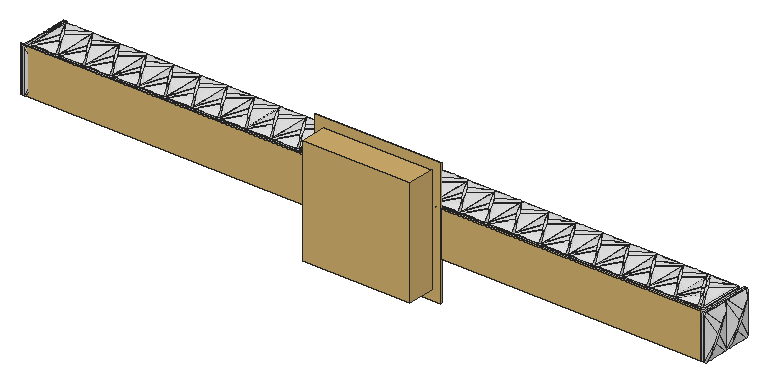
Revit family "3-xx-xx - Elan Vanitie 03", category Lighting Fixtures, host Wall, Revit 2019 (continued)
Definition of nested family "Family2"
  Forms (in)
    Blend 58, solid, material <- "Diffuser"
      base sketch origin (10.62992, -2.24007, -2.27132) x (1, 0, 0) y (0, 1, 0)
        loop
          arc (-5.98425, -0.98425) -> (-5.92857, -0.96119) -> (-5.90551, -0.90551) r 0.07874
          line (-5.90551, -0.90551) -> (-5.90551, 0.90551)
      top sketch origin (10.62992, -2.24007, -2.27132) x (1, 0, 0) y (0, 1, 0)
        loop
          line (-6.89899, 0.68245) -> (-6.71635, 0.29079) -> (-6.53621, -0.05852) -> (-6.35588, -0.33357) -> (-6.0667, -0.72725) -> (-6.27171, -0.28388) -> (-6.43166, 0.00863) -> (-6.64427, 0.33334) -> (-6.89899, 0.68245)
      from 3.31463 to 3.45242
    Extrusion 59, solid, material <- "Diffuser"
      sketch origin (10.62992, -2.24007, -2.27132) x (1, 0, 0) y (0, 1, 0)
        loop
          arc (-5.90551, 0.90551) -> (-5.92857, 0.96119) -> (-5.98425, 0.98425) r 0.07874
          line (-5.98425, 0.98425) -> (-7.00787, 0.98425)
          arc (-7.00787, 0.98425) -> (-7.06355, 0.96119) -> (-7.08661, 0.90551) r 0.07874
          line (-7.08661, 0.90551) -> (-7.08661, -0.90551)
          arc (-7.08661, -0.90551) -> (-7.06355, -0.96119) -> (-7.00787, -0.98425) r 0.07874
          line (-7.00787, -0.98425) -> (-5.98425, -0.98425)
          arc (-5.98425, -0.98425) -> (-5.92857, -0.96119) -> (-5.90551, -0.90551) r 0.07874
          line (-5.90551, -0.90551) -> (-5.90551, 0.90551)
      from 3.25557 to 3.31463
    Blend 60, solid, material <- "Diffuser"
      base sketch origin (11.81102, -2.24007, -2.27132) x (1, 0, 0) y (0, 1, 0)
        loop
          arc (-5.90551, 0.90551) -> (-5.92857, 0.96119) -> (-5.98425, 0.98425) r 0.07874
          line (-5.98425, 0.98425) -> (-7.00787, 0.98425)
          arc (-7.00787, 0.98425) -> (-7.06355, 0.96119) -> (-7.08661, 0.90551) r 0.07874
          line (-7.08661, 0.90551) -> (-7.08661, -0.90551)
          arc (-7.08661, -0.90551) -> (-7.06355, -0.96119) -> (-7.00787, -0.98425) r 0.07874
          line (-7.00787, -0.98425) -> (-5.98425, -0.98425)
          arc (-5.98425, -0.98425) -> (-5.92857, -0.96119) -> (-5.90551, -0.90551) r 0.07874
          line (-5.90551, -0.90551) -> (-5.90551, 0.90551)
      top sketch origin (11.81102, -2.24007, -2.27132) x (1, 0, 0) y (0, 1, 0)
        loop
          line (-6.89899, 0.68245) -> (-6.71635, 0.29079) -> (-6.53621, -0.05852) -> (-6.35588, -0.33357) -> (-6.0667, -0.72725) -> (-6.27171, -0.28388) -> (-6.43166, 0.00863) -> (-6.64427, 0.33334) -> (-6.89899, 0.68245)
      from 3.31463 to 3.45242
    Extrusion 61, solid, material <- "Diffuser"
      sketch origin (11.81102, -2.24007, -2.27132) x (1, 0, 0) y (0, 1, 0)
        loop
          arc (-5.90551, 0.90551) -> (-5.92857, 0.96119) -> (-5.98425, 0.98425) r 0.07874
          line (-5.98425, 0.98425) -> (-7.00787, 0.98425)
          arc (-7.00787, 0.98425) -> (-7.06355, 0.96119) -> (-7.08661, 0.90551) r 0.07874
          line (-7.08661, 0.90551) -> (-7.08661, -0.90551)
          arc (-7.08661, -0.90551) -> (-7.06355, -0.96119) -> (-7.00787, -0.98425) r 0.07874
          line (-7.00787, -0.98425) -> (-5.98425, -0.98425)
          arc (-5.98425, -0.98425) -> (-5.92857, -0.96119) -> (-5.90551, -0.90551) r 0.07874
          line (-5.90551, -0.90551) -> (-5.90551, 0.90551)
      from 3.25557 to 3.31463
    Blend 62, solid, material <- "Diffuser"
      base sketch origin (21.1811, -2.24007, -2.27132) x (1, 0, 0) y (0, 1, 0)
        loop
          arc (-5.90551, 0.90551) -> (-5.92857, 0.96119) -> (-5.98425, 0.98425) r 0.07874
          line (-5.98425, 0.98425) -> (-7.00787, 0.98425)
          arc (-7.00787, 0.98425) -> (-7.06355, 0.96119) -> (-7.08661, 0.90551) r 0.07874
          line (-7.08661, 0.90551) -> (-7.08661, -0.90551)
          arc (-7.08661, -0.90551) -> (-7.06355, -0.96119) -> (-7.00787, -0.98425) r 0.07874
          line (-7.00787, -0.98425) -> (-5.98425, -0.98425)
          arc (-5.98425, -0.98425) -> (-5.92857, -0.96119) -> (-5.90551, -0.90551) r 0.07874
          line (-5.90551, -0.90551) -> (-5.90551, 0.90551)
      top sketch origin (21.1811, -2.24007, -2.27132) x (1, 0, 0) y (0, 1, 0)
        loop
          line (-6.89899, 0.68245) -> (-6.71635, 0.29079) -> (-6.53621, -0.05852) -> (-6.35588, -0.33357) -> (-6.0667, -0.72725) -> (-6.27171, -0.28388) -> (-6.43166, 0.00863) -> (-6.64427, 0.33334) -> (-6.89899, 0.68245)
      from 3.31463 to 3.45242
    Blend 63, solid, material <- "Diffuser"
      base sketch origin (8.19824, -2.24007, 2.34394) x (-0.999996, 0, 0.00275) y (0, 1, 0)
        loop
          arc (-5.90551, 0.90551) -> (-5.92857, 0.96119) -> (-5.98425, 0.98425) r 0.07874
          line (-5.98425, 0.98425) -> (-7.00787, 0.98425)
          arc (-7.00787, 0.98425) -> (-7.06355, 0.96119) -> (-7.08661, 0.90551) r 0.07874
          line (-7.08661, 0.90551) -> (-7.08661, -0.90551)
          arc (-7.08661, -0.90551) -> (-7.06355, -0.96119) -> (-7.00787, -0.98425) r 0.07874
          line (-7.00787, -0.98425) -> (-5.98425, -0.98425)
          arc (-5.98425, -0.98425) -> (-5.92857, -0.96119) -> (-5.90551, -0.90551) r 0.07874
          line (-5.90551, -0.90551) -> (-5.90551, 0.90551)
      top sketch origin (8.19824, -2.24007, 2.34394) x (-0.999996, 0, 0.00275) y (0, 1, 0)
        loop
          line (-6.89899, 0.68245) -> (-6.71635, 0.29079) -> (-6.53621, -0.05852) -> (-6.35588, -0.33357) -> (-6.0667, -0.72725) -> (-6.27171, -0.28388) -> (-6.43166, 0.00863) -> (-6.64427, 0.33334) -> (-6.89899, 0.68245)
      from 3.31463 to 3.45242
    Extrusion 64, solid, material <- "Diffuser"
      sketch origin (8.19824, -2.24007, 2.34394) x (-0.999996, 0, 0.00275) y (0, 1, 0)
        loop
          arc (-5.90551, 0.90551) -> (-5.92857, 0.96119) -> (-5.98425, 0.98425) r 0.07874
          line (-5.98425, 0.98425) -> (-7.00787, 0.98425)
          arc (-7.00787, 0.98425) -> (-7.06355, 0.96119) -> (-7.08661, 0.90551) r 0.07874
          line (-7.08661, 0.90551) -> (-7.08661, -0.90551)
          arc (-7.08661, -0.90551) -> (-7.06355, -0.96119) -> (-7.00787, -0.98425) r 0.07874
          line (-7.00787, -0.98425) -> (-5.98425, -0.98425)
          arc (-5.98425, -0.98425) -> (-5.92857, -0.96119) -> (-5.90551, -0.90551) r 0.07874
          line (-5.90551, -0.90551) -> (-5.90551, 0.90551)
      from 3.20242 to 3.31463
    Blend 65, solid, material <- "Diffuser"
      base sketch origin (-1.17183, -2.24007, 2.34719) x (-0.999996, 0, 0.00275) y (0, 1, 0)
        loop
          arc (-5.90551, 0.90551) -> (-5.92857, 0.96119) -> (-5.98425, 0.98425) r 0.07874
          line (-5.98425, 0.98425) -> (-7.00787, 0.98425)
          arc (-7.00787, 0.98425) -> (-7.06355, 0.96119) -> (-7.08661, 0.90551) r 0.07874
          line (-7.08661, 0.90551) -> (-7.08661, -0.90551)
          arc (-7.08661, -0.90551) -> (-7.06355, -0.96119) -> (-7.00787, -0.98425) r 0.07874
          line (-7.00787, -0.98425) -> (-5.98425, -0.98425)
          arc (-5.98425, -0.98425) -> (-5.92857, -0.96119) -> (-5.90551, -0.90551) r 0.07874
          line (-5.90551, -0.90551) -> (-5.90551, 0.90551)
      top sketch origin (-1.17183, -2.24007, 2.34719) x (-0.999996, 0, 0.00275) y (0, 1, 0)
        loop
          line (-6.89899, 0.68245) -> (-6.71635, 0.29079) -> (-6.53621, -0.05852) -> (-6.35588, -0.33357) -> (-6.0667, -0.72725) -> (-6.27171, -0.28388) -> (-6.43166, 0.00863) -> (-6.64427, 0.33334) -> (-6.89899, 0.68245)
      from 3.31463 to 3.45242
    Extrusion 66, solid, material <- "Diffuser"
      sketch origin (-1.17183, -2.24007, 2.34719) x (-0.999996, 0, 0.00275) y (0, 1, 0)
        loop
          arc (-5.90551, 0.90551) -> (-5.92857, 0.96119) -> (-5.98425, 0.98425) r 0.07874
          line (-5.98425, 0.98425) -> (-7.00787, 0.98425)
          arc (-7.00787, 0.98425) -> (-7.06355, 0.96119) -> (-7.08661, 0.90551) r 0.07874
          line (-7.08661, 0.90551) -> (-7.08661, -0.90551)
          arc (-7.08661, -0.90551) -> (-7.06355, -0.96119) -> (-7.00787, -0.98425) r 0.07874
          line (-7.00787, -0.98425) -> (-5.98425, -0.98425)
          arc (-5.98425, -0.98425) -> (-5.92857, -0.96119) -> (-5.90551, -0.90551) r 0.07874
          line (-5.90551, -0.90551) -> (-5.90551, 0.90551)
      from 3.20242 to 3.31463
    Blend 67, solid, material <- "Diffuser"
      base sketch origin (-2.35293, -2.24007, 2.35044) x (-0.999996, 0, 0.00275) y (0, 1, 0)
        loop
          arc (-5.90551, 0.90551) -> (-5.92857, 0.96119) -> (-5.98425, 0.98425) r 0.07874
          line (-5.98425, 0.98425) -> (-7.00787, 0.98425)
          arc (-7.00787, 0.98425) -> (-7.06355, 0.96119) -> (-7.08661, 0.90551) r 0.07874
          line (-7.08661, 0.90551) -> (-7.08661, -0.90551)
          arc (-7.08661, -0.90551) -> (-7.06355, -0.96119) -> (-7.00787, -0.98425) r 0.07874
          line (-7.00787, -0.98425) -> (-5.98425, -0.98425)
          arc (-5.98425, -0.98425) -> (-5.92857, -0.96119) -> (-5.90551, -0.90551) r 0.07874
          line (-5.90551, -0.90551) -> (-5.90551, 0.90551)
      top sketch origin (-2.35293, -2.24007, 2.35044) x (-0.999996, 0, 0.00275) y (0, 1, 0)
        loop
          line (-6.89899, 0.68245) -> (-6.71635, 0.29079) -> (-6.53621, -0.05852) -> (-6.35588, -0.33357) -> (-6.0667, -0.72725) -> (-6.27171, -0.28388) -> (-6.43166, 0.00863) -> (-6.64427, 0.33334) -> (-6.89899, 0.68245)
      from 3.31463 to 3.45242
    Extrusion 68, solid, material <- "Diffuser"
      sketch origin (-2.35293, -2.24007, 2.35044) x (-0.999996, 0, 0.00275) y (0, 1, 0)
        loop
          arc (-5.90551, 0.90551) -> (-5.92857, 0.96119) -> (-5.98425, 0.98425) r 0.07874
          line (-5.98425, 0.98425) -> (-7.00787, 0.98425)
          arc (-7.00787, 0.98425) -> (-7.06355, 0.96119) -> (-7.08661, 0.90551) r 0.07874
          line (-7.08661, 0.90551) -> (-7.08661, -0.90551)
          arc (-7.08661, -0.90551) -> (-7.06355, -0.96119) -> (-7.00787, -0.98425) r 0.07874
          line (-7.00787, -0.98425) -> (-5.98425, -0.98425)
          arc (-5.98425, -0.98425) -> (-5.92857, -0.96119) -> (-5.90551, -0.90551) r 0.07874
          line (-5.90551, -0.90551) -> (-5.90551, 0.90551)
      from 3.20242 to 3.31463
    Blend 69, solid, material <- "Diffuser"
      base sketch origin (-3.53403, -2.24007, 2.35369) x (-0.999996, 0, 0.00275) y (0, 1, 0)
        loop
          arc (-5.90551, 0.90551) -> (-5.92857, 0.96119) -> (-5.98425, 0.98425) r 0.07874
          line (-5.98425, 0.98425) -> (-7.00787, 0.98425)
          arc (-7.00787, 0.98425) -> (-7.06355, 0.96119) -> (-7.08661, 0.90551) r 0.07874
          line (-7.08661, 0.90551) -> (-7.08661, -0.90551)
          arc (-7.08661, -0.90551) -> (-7.06355, -0.96119) -> (-7.00787, -0.98425) r 0.07874
          line (-7.00787, -0.98425) -> (-5.98425, -0.98425)
          arc (-5.98425, -0.98425) -> (-5.92857, -0.96119) -> (-5.90551, -0.90551) r 0.07874
          line (-5.90551, -0.90551) -> (-5.90551, 0.90551)
      top sketch origin (-3.53403, -2.24007, 2.35369) x (-0.999996, 0, 0.00275) y (0, 1, 0)
        loop
          line (-6.89899, 0.68245) -> (-6.71635, 0.29079) -> (-6.53621, -0.05852) -> (-6.35588, -0.33357) -> (-6.0667, -0.72725) -> (-6.27171, -0.28388) -> (-6.43166, 0.00863) -> (-6.64427, 0.33334) -> (-6.89899, 0.68245)
      from 3.31463 to 3.45242
    Extrusion 70, solid, material <- "Diffuser"
      sketch origin (-3.53403, -2.24007, 2.35369) x (-0.999996, 0, 0.00275) y (0, 1, 0)
        loop
          arc (-5.90551, 0.90551) -> (-5.92857, 0.96119) -> (-5.98425, 0.98425) r 0.07874
          line (-5.98425, 0.98425) -> (-7.00787, 0.98425)
          arc (-7.00787, 0.98425) -> (-7.06355, 0.96119) -> (-7.08661, 0.90551) r 0.07874
          line (-7.08661, 0.90551) -> (-7.08661, -0.90551)
          arc (-7.08661, -0.90551) -> (-7.06355, -0.96119) -> (-7.00787, -0.98425) r 0.07874
          line (-7.00787, -0.98425) -> (-5.98425, -0.98425)
          arc (-5.98425, -0.98425) -> (-5.92857, -0.96119) -> (-5.90551, -0.90551) r 0.07874
          line (-5.90551, -0.90551) -> (-5.90551, 0.90551)
      from 3.20242 to 3.31463
    Blend 71, solid, material <- "Diffuser"
      base sketch origin (-4.71513, -2.24007, 2.35694) x (-0.999996, 0, 0.00275) y (0, 1, 0)
        loop
          arc (-5.90551, 0.90551) -> (-5.92857, 0.96119) -> (-5.98425, 0.98425) r 0.07874
          line (-5.98425, 0.98425) -> (-7.00787, 0.98425)
          arc (-7.00787, 0.98425) -> (-7.06355, 0.96119) -> (-7.08661, 0.90551) r 0.07874
          line (-7.08661, 0.90551) -> (-7.08661, -0.90551)
          arc (-7.08661, -0.90551) -> (-7.06355, -0.96119) -> (-7.00787, -0.98425) r 0.07874
          line (-7.00787, -0.98425) -> (-5.98425, -0.98425)
          arc (-5.98425, -0.98425) -> (-5.92857, -0.96119) -> (-5.90551, -0.90551) r 0.07874
          line (-5.90551, -0.90551) -> (-5.90551, 0.90551)
      top sketch origin (-4.71513, -2.24007, 2.35694) x (-0.999996, 0, 0.00275) y (0, 1, 0)
        loop
          line (-6.89899, 0.68245) -> (-6.71635, 0.29079) -> (-6.53621, -0.05852) -> (-6.35588, -0.33357) -> (-6.0667, -0.72725) -> (-6.27171, -0.28388) -> (-6.43166, 0.00863) -> (-6.64427, 0.33334) -> (-6.89899, 0.68245)
      from 3.31463 to 3.45242
    Extrusion 72, solid, material <- "Diffuser"
      sketch origin (-4.71513, -2.24007, 2.35694) x (-0.999996, 0, 0.00275) y (0, 1, 0)
        loop
          arc (-5.90551, 0.90551) -> (-5.92857, 0.96119) -> (-5.98425, 0.98425) r 0.07874
          line (-5.98425, 0.98425) -> (-7.00787, 0.98425)
          arc (-7.00787, 0.98425) -> (-7.06355, 0.96119) -> (-7.08661, 0.90551) r 0.07874
          line (-7.08661, 0.90551) -> (-7.08661, -0.90551)
          arc (-7.08661, -0.90551) -> (-7.06355, -0.96119) -> (-7.00787, -0.98425) r 0.07874
          line (-7.00787, -0.98425) -> (-5.98425, -0.98425)
          arc (-5.98425, -0.98425) -> (-5.92857, -0.96119) -> (-5.90551, -0.90551) r 0.07874
          line (-5.90551, -0.90551) -> (-5.90551, 0.90551)
      from 3.25557 to 3.31463
    Blend 73, solid, material <- "Diffuser"
      base sketch origin (-5.89622, -2.24007, 2.36018) x (-0.999996, 0, 0.00275) y (0, 1, 0)
        loop
          arc (-5.90551, 0.90551) -> (-5.92857, 0.96119) -> (-5.98425, 0.98425) r 0.07874
          line (-5.98425, 0.98425) -> (-7.00787, 0.98425)
          arc (-7.00787, 0.98425) -> (-7.06355, 0.96119) -> (-7.08661, 0.90551) r 0.07874
          line (-7.08661, 0.90551) -> (-7.08661, -0.90551)
          arc (-7.08661, -0.90551) -> (-7.06355, -0.96119) -> (-7.00787, -0.98425) r 0.07874
          line (-7.00787, -0.98425) -> (-5.98425, -0.98425)
          arc (-5.98425, -0.98425) -> (-5.92857, -0.96119) -> (-5.90551, -0.90551) r 0.07874
          line (-5.90551, -0.90551) -> (-5.90551, 0.90551)
      top sketch origin (-5.89622, -2.24007, 2.36018) x (-0.999996, 0, 0.00275) y (0, 1, 0)
        loop
          line (-6.89899, 0.68245) -> (-6.71635, 0.29079) -> (-6.53621, -0.05852) -> (-6.35588, -0.33357) -> (-6.0667, -0.72725) -> (-6.27171, -0.28388) -> (-6.43166, 0.00863) -> (-6.64427, 0.33334) -> (-6.89899, 0.68245)
      from 3.31463 to 3.45242
    Extrusion 74, solid, material <- "Diffuser"
      sketch origin (-5.89622, -2.24007, 2.36018) x (-0.999996, 0, 0.00275) y (0, 1, 0)
        loop
          arc (-5.90551, 0.90551) -> (-5.92857, 0.96119) -> (-5.98425, 0.98425) r 0.07874
          line (-5.98425, 0.98425) -> (-7.00787, 0.98425)
          arc (-7.00787, 0.98425) -> (-7.06355, 0.96119) -> (-7.08661, 0.90551) r 0.07874
          line (-7.08661, 0.90551) -> (-7.08661, -0.90551)
          arc (-7.08661, -0.90551) -> (-7.06355, -0.96119) -> (-7.00787, -0.98425) r 0.07874
          line (-7.00787, -0.98425) -> (-5.98425, -0.98425)
          arc (-5.98425, -0.98425) -> (-5.92857, -0.96119) -> (-5.90551, -0.90551) r 0.07874
          line (-5.90551, -0.90551) -> (-5.90551, 0.90551)
      from 3.25557 to 3.31463
    Blend 75, solid, material <- "Diffuser"
      base sketch origin (-7.07732, -2.24007, 2.36343) x (-0.999996, 0, 0.00275) y (0, 1, 0)
        loop
          arc (-5.90551, 0.90551) -> (-5.92857, 0.96119) -> (-5.98425, 0.98425) r 0.07874
          line (-5.98425, 0.98425) -> (-7.00787, 0.98425)
          arc (-7.00787, 0.98425) -> (-7.06355, 0.96119) -> (-7.08661, 0.90551) r 0.07874
          line (-7.08661, 0.90551) -> (-7.08661, -0.90551)
          arc (-7.08661, -0.90551) -> (-7.06355, -0.96119) -> (-7.00787, -0.98425) r 0.07874
          line (-7.00787, -0.98425) -> (-5.98425, -0.98425)
          arc (-5.98425, -0.98425) -> (-5.92857, -0.96119) -> (-5.90551, -0.90551) r 0.07874
          line (-5.90551, -0.90551) -> (-5.90551, 0.90551)
      top sketch origin (-7.07732, -2.24007, 2.36343) x (-0.999996, 0, 0.00275) y (0, 1, 0)
        loop
          line (-6.89899, 0.68245) -> (-6.71635, 0.29079) -> (-6.53621, -0.05852) -> (-6.35588, -0.33357) -> (-6.0667, -0.72725) -> (-6.27171, -0.28388) -> (-6.43166, 0.00863) -> (-6.64427, 0.33334) -> (-6.89899, 0.68245)
      from 3.31463 to 3.45242
    Extrusion 76, solid, material <- "Diffuser"
      sketch origin (-7.07732, -2.24007, 2.36343) x (-0.999996, 0, 0.00275) y (0, 1, 0)
        loop
          arc (-5.90551, 0.90551) -> (-5.92857, 0.96119) -> (-5.98425, 0.98425) r 0.07874
          line (-5.98425, 0.98425) -> (-7.00787, 0.98425)
          arc (-7.00787, 0.98425) -> (-7.06355, 0.96119) -> (-7.08661, 0.90551) r 0.07874
          line (-7.08661, 0.90551) -> (-7.08661, -0.90551)
          arc (-7.08661, -0.90551) -> (-7.06355, -0.96119) -> (-7.00787, -0.98425) r 0.07874
          line (-7.00787, -0.98425) -> (-5.98425, -0.98425)
          arc (-5.98425, -0.98425) -> (-5.92857, -0.96119) -> (-5.90551, -0.90551) r 0.07874
          line (-5.90551, -0.90551) -> (-5.90551, 0.90551)
      from 3.25557 to 3.31463
    Blend 77, solid, material <- "Diffuser"
      base sketch origin (-8.25842, -2.24007, 2.36668) x (-0.999996, 0, 0.00275) y (0, 1, 0)
        loop
          arc (-5.90551, 0.90551) -> (-5.92857, 0.96119) -> (-5.98425, 0.98425) r 0.07874
          line (-5.98425, 0.98425) -> (-7.00787, 0.98425)
          arc (-7.00787, 0.98425) -> (-7.06355, 0.96119) -> (-7.08661, 0.90551) r 0.07874
          line (-7.08661, 0.90551) -> (-7.08661, -0.90551)
          arc (-7.08661, -0.90551) -> (-7.06355, -0.96119) -> (-7.00787, -0.98425) r 0.07874
          line (-7.00787, -0.98425) -> (-5.98425, -0.98425)
          arc (-5.98425, -0.98425) -> (-5.92857, -0.96119) -> (-5.90551, -0.90551) r 0.07874
          line (-5.90551, -0.90551) -> (-5.90551, 0.90551)
      top sketch origin (-8.25842, -2.24007, 2.36668) x (-0.999996, 0, 0.00275) y (0, 1, 0)
        loop
          line (-6.89899, 0.68245) -> (-6.71635, 0.29079) -> (-6.53621, -0.05852) -> (-6.35588, -0.33357) -> (-6.0667, -0.72725) -> (-6.27171, -0.28388) -> (-6.43166, 0.00863) -> (-6.64427, 0.33334) -> (-6.89899, 0.68245)
      from 3.31463 to 3.45242
    Extrusion 78, solid, material <- "Diffuser"
      sketch origin (-8.25842, -2.24007, 2.36668) x (-0.999996, 0, 0.00275) y (0, 1, 0)
        loop
          arc (-5.90551, 0.90551) -> (-5.92857, 0.96119) -> (-5.98425, 0.98425) r 0.07874
          line (-5.98425, 0.98425) -> (-7.00787, 0.98425)
          arc (-7.00787, 0.98425) -> (-7.06355, 0.96119) -> (-7.08661, 0.90551) r 0.07874
          line (-7.08661, 0.90551) -> (-7.08661, -0.90551)
          arc (-7.08661, -0.90551) -> (-7.06355, -0.96119) -> (-7.00787, -0.98425) r 0.07874
          line (-7.00787, -0.98425) -> (-5.98425, -0.98425)
          arc (-5.98425, -0.98425) -> (-5.92857, -0.96119) -> (-5.90551, -0.90551) r 0.07874
          line (-5.90551, -0.90551) -> (-5.90551, 0.90551)
      from 3.25557 to 3.31463
    Blend 79, solid, material <- "Diffuser"
      base sketch origin (-9.43952, -2.24007, 2.36993) x (-0.999996, 0, 0.00275) y (0, 1, 0)
        loop
          arc (-5.90551, 0.90551) -> (-5.92857, 0.96119) -> (-5.98425, 0.98425) r 0.07874
          line (-5.98425, 0.98425) -> (-7.00787, 0.98425)
          arc (-7.00787, 0.98425) -> (-7.06355, 0.96119) -> (-7.08661, 0.90551) r 0.07874
          line (-7.08661, 0.90551) -> (-7.08661, -0.90551)
          arc (-7.08661, -0.90551) -> (-7.06355, -0.96119) -> (-7.00787, -0.98425) r 0.07874
          line (-7.00787, -0.98425) -> (-5.98425, -0.98425)
          arc (-5.98425, -0.98425) -> (-5.92857, -0.96119) -> (-5.90551, -0.90551) r 0.07874
          line (-5.90551, -0.90551) -> (-5.90551, 0.90551)
      top sketch origin (-9.43952, -2.24007, 2.36993) x (-0.999996, 0, 0.00275) y (0, 1, 0)
        loop
          line (-6.89899, 0.68245) -> (-6.71635, 0.29079) -> (-6.53621, -0.05852) -> (-6.35588, -0.33357) -> (-6.0667, -0.72725) -> (-6.27171, -0.28388) -> (-6.43166, 0.00863) -> (-6.64427, 0.33334) -> (-6.89899, 0.68245)
      from 3.31463 to 3.45242
    Extrusion 80, solid, material <- "Diffuser"
      sketch origin (-9.43952, -2.24007, 2.36993) x (-0.999996, 0, 0.00275) y (0, 1, 0)
        loop
          arc (-5.90551, 0.90551) -> (-5.92857, 0.96119) -> (-5.98425, 0.98425) r 0.07874
          line (-5.98425, 0.98425) -> (-7.00787, 0.98425)
          arc (-7.00787, 0.98425) -> (-7.06355, 0.96119) -> (-7.08661, 0.90551) r 0.07874
          line (-7.08661, 0.90551) -> (-7.08661, -0.90551)
          arc (-7.08661, -0.90551) -> (-7.06355, -0.96119) -> (-7.00787, -0.98425) r 0.07874
          line (-7.00787, -0.98425) -> (-5.98425, -0.98425)
          arc (-5.98425, -0.98425) -> (-5.92857, -0.96119) -> (-5.90551, -0.90551) r 0.07874
          line (-5.90551, -0.90551) -> (-5.90551, 0.90551)
      from 3.25557 to 3.31463
    Blend 81, solid, material <- "Diffuser"
      base sketch origin (-10.62062, -2.24007, 2.37318) x (-0.999996, 0, 0.00275) y (0, 1, 0)
        loop
          arc (-5.90551, 0.90551) -> (-5.92857, 0.96119) -> (-5.98425, 0.98425) r 0.07874
          line (-5.98425, 0.98425) -> (-7.00787, 0.98425)
          arc (-7.00787, 0.98425) -> (-7.06355, 0.96119) -> (-7.08661, 0.90551) r 0.07874
          line (-7.08661, 0.90551) -> (-7.08661, -0.90551)
          arc (-7.08661, -0.90551) -> (-7.06355, -0.96119) -> (-7.00787, -0.98425) r 0.07874
          line (-7.00787, -0.98425) -> (-5.98425, -0.98425)
          arc (-5.98425, -0.98425) -> (-5.92857, -0.96119) -> (-5.90551, -0.90551) r 0.07874
          line (-5.90551, -0.90551) -> (-5.90551, 0.90551)
      top sketch origin (-10.62062, -2.24007, 2.37318) x (-0.999996, 0, 0.00275) y (0, 1, 0)
        loop
          line (-6.89899, 0.68245) -> (-6.71635, 0.29079) -> (-6.53621, -0.05852) -> (-6.35588, -0.33357) -> (-6.0667, -0.72725) -> (-6.27171, -0.28388) -> (-6.43166, 0.00863) -> (-6.64427, 0.33334) -> (-6.89899, 0.68245)
      from 3.31463 to 3.45242
    Extrusion 82, solid, material <- "Diffuser"
      sketch origin (-10.62062, -2.24007, 2.37318) x (-0.999996, 0, 0.00275) y (0, 1, 0)
        loop
          arc (-5.90551, 0.90551) -> (-5.92857, 0.96119) -> (-5.98425, 0.98425) r 0.07874
          line (-5.98425, 0.98425) -> (-7.00787, 0.98425)
          arc (-7.00787, 0.98425) -> (-7.06355, 0.96119) -> (-7.08661, 0.90551) r 0.07874
          line (-7.08661, 0.90551) -> (-7.08661, -0.90551)
          arc (-7.08661, -0.90551) -> (-7.06355, -0.96119) -> (-7.00787, -0.98425) r 0.07874
          line (-7.00787, -0.98425) -> (-5.98425, -0.98425)
          arc (-5.98425, -0.98425) -> (-5.92857, -0.96119) -> (-5.90551, -0.90551) r 0.07874
          line (-5.90551, -0.90551) -> (-5.90551, 0.90551)
      from 3.25557 to 3.31463
    Blend 83, solid, material <- "Diffuser"
      base sketch origin (-11.80171, -2.24007, 2.37642) x (-0.999996, 0, 0.00275) y (0, 1, 0)
        loop
          arc (-5.90551, 0.90551) -> (-5.92857, 0.96119) -> (-5.98425, 0.98425) r 0.07874
          line (-5.98425, 0.98425) -> (-7.00787, 0.98425)
          arc (-7.00787, 0.98425) -> (-7.06355, 0.96119) -> (-7.08661, 0.90551) r 0.07874
          line (-7.08661, 0.90551) -> (-7.08661, -0.90551)
          arc (-7.08661, -0.90551) -> (-7.06355, -0.96119) -> (-7.00787, -0.98425) r 0.07874
          line (-7.00787, -0.98425) -> (-5.98425, -0.98425)
          arc (-5.98425, -0.98425) -> (-5.92857, -0.96119) -> (-5.90551, -0.90551) r 0.07874
          line (-5.90551, -0.90551) -> (-5.90551, 0.90551)
      top sketch origin (-11.80171, -2.24007, 2.37642) x (-0.999996, 0, 0.00275) y (0, 1, 0)
        loop
          line (-6.89899, 0.68245) -> (-6.71635, 0.29079) -> (-6.53621, -0.05852) -> (-6.35588, -0.33357) -> (-6.0667, -0.72725) -> (-6.27171, -0.28388) -> (-6.43166, 0.00863) -> (-6.64427, 0.33334) -> (-6.89899, 0.68245)
      from 3.31463 to 3.45242
    Extrusion 84, solid, material <- "Diffuser"
      sketch origin (-11.80171, -2.24007, 2.37642) x (-0.999996, 0, 0.00275) y (0, 1, 0)
        loop
          arc (-5.90551, 0.90551) -> (-5.92857, 0.96119) -> (-5.98425, 0.98425) r 0.07874
          line (-5.98425, 0.98425) -> (-7.00787, 0.98425)
          arc (-7.00787, 0.98425) -> (-7.06355, 0.96119) -> (-7.08661, 0.90551) r 0.07874
          line (-7.08661, 0.90551) -> (-7.08661, -0.90551)
          arc (-7.08661, -0.90551) -> (-7.06355, -0.96119) -> (-7.00787, -0.98425) r 0.07874
          line (-7.00787, -0.98425) -> (-5.98425, -0.98425)
          arc (-5.98425, -0.98425) -> (-5.92857, -0.96119) -> (-5.90551, -0.90551) r 0.07874
          line (-5.90551, -0.90551) -> (-5.90551, 0.90551)
      from 3.25557 to 3.31463
    Blend 85, solid, material <- "Diffuser"
      base sketch origin (-20.06943, -2.24007, 2.37967) x (-0.999996, 0, 0.00275) y (0, 1, 0)
        loop
          arc (-5.90551, 0.90551) -> (-5.92857, 0.96119) -> (-5.98425, 0.98425) r 0.07874
          line (-5.98425, 0.98425) -> (-7.00787, 0.98425)
          arc (-7.00787, 0.98425) -> (-7.06355, 0.96119) -> (-7.08661, 0.90551) r 0.07874
          line (-7.08661, 0.90551) -> (-7.08661, -0.90551)
          arc (-7.08661, -0.90551) -> (-7.06355, -0.96119) -> (-7.00787, -0.98425) r 0.07874
          line (-7.00787, -0.98425) -> (-5.98425, -0.98425)
          arc (-5.98425, -0.98425) -> (-5.92857, -0.96119) -> (-5.90551, -0.90551) r 0.07874
          line (-5.90551, -0.90551) -> (-5.90551, 0.90551)
      top sketch origin (-20.06943, -2.24007, 2.37967) x (-0.999996, 0, 0.00275) y (0, 1, 0)
        loop
          line (-6.89899, 0.68245) -> (-6.71635, 0.29079) -> (-6.53621, -0.05852) -> (-6.35588, -0.33357) -> (-6.0667, -0.72725) -> (-6.27171, -0.28388) -> (-6.43166, 0.00863) -> (-6.64427, 0.33334) -> (-6.89899, 0.68245)
      from 3.31463 to 3.45242
    Extrusion 86, solid, material <- "Metal Finish 1"
      sketch origin (0, 0, 0) x (1, 0, 0) y (0, 0, 1)
        loop
          line (-14.17323, 0.98425) -> (-14.17323, -0.98425) -> (15.67992, -0.98425) -> (15.67992, 0.98425) -> (-14.17323, 0.98425)
      from 1.18 to 1.22
    Blend 87, solid, material <- "Diffuser"
      base sketch origin (0, 0, 0) x (1, 0, 0) y (0, 0, 1)
        loop
          arc (-5.90551, 0.90551) -> (-5.92857, 0.96119) -> (-5.98425, 0.98425) r 0.07874
          line (-5.98425, 0.98425) -> (-7.00787, 0.98425)
          arc (-7.00787, 0.98425) -> (-7.06355, 0.96119) -> (-7.08661, 0.90551) r 0.07874
          line (-7.08661, 0.90551) -> (-7.08661, -0.90551)
          arc (-7.08661, -0.90551) -> (-7.06355, -0.96119) -> (-7.00787, -0.98425) r 0.07874
          line (-7.00787, -0.98425) -> (-5.98425, -0.98425)
          arc (-5.98425, -0.98425) -> (-5.92857, -0.96119) -> (-5.90551, -0.90551) r 0.07874
          line (-5.90551, -0.90551) -> (-5.90551, 0.90551)
      top sketch origin (0, 0, 0) x (1, 0, 0) y (0, 0, 1)
        loop
          line (-6.89899, 0.68245) -> (-6.71635, 0.29079) -> (-6.53621, -0.05852) -> (-6.35588, -0.33357) -> (-6.0667, -0.72725) -> (-6.27171, -0.28388) -> (-6.43166, 0.00863) -> (-6.64427, 0.33334) -> (-6.89899, 0.68245)
      from 3.31463 to 3.45242
    Extrusion 88, solid, material <- "Diffuser"
      sketch origin (0, 0, 0) x (1, 0, 0) y (0, 0, 1)
        loop
          arc (-5.90551, 0.90551) -> (-5.92857, 0.96119) -> (-5.98425, 0.98425) r 0.07874
          line (-5.98425, 0.98425) -> (-7.00787, 0.98425)
          arc (-7.00787, 0.98425) -> (-7.06355, 0.96119) -> (-7.08661, 0.90551) r 0.07874
          line (-7.08661, 0.90551) -> (-7.08661, -0.90551)
          arc (-7.08661, -0.90551) -> (-7.06355, -0.96119) -> (-7.00787, -0.98425) r 0.07874
          line (-7.00787, -0.98425) -> (-5.98425, -0.98425)
          arc (-5.98425, -0.98425) -> (-5.92857, -0.96119) -> (-5.90551, -0.90551) r 0.07874
          line (-5.90551, -0.90551) -> (-5.90551, 0.90551)
      from 3.25557 to 3.31463
    Blend 89, solid, material <- "Diffuser"
      base sketch origin (0, -2.24007, -2.27132) x (1, 0, 0) y (0, 1, 0)
        loop
          arc (-5.90551, 0.90551) -> (-5.92857, 0.96119) -> (-5.98425, 0.98425) r 0.07874
          line (-5.98425, 0.98425) -> (-7.00787, 0.98425)
          arc (-7.00787, 0.98425) -> (-7.06355, 0.96119) -> (-7.08661, 0.90551) r 0.07874
          line (-7.08661, 0.90551) -> (-7.08661, -0.90551)
          arc (-7.08661, -0.90551) -> (-7.06355, -0.96119) -> (-7.00787, -0.98425) r 0.07874
          line (-7.00787, -0.98425) -> (-5.98425, -0.98425)
          arc (-5.98425, -0.98425) -> (-5.92857, -0.96119) -> (-5.90551, -0.90551) r 0.07874
          line (-5.90551, -0.90551) -> (-5.90551, 0.90551)
      top sketch origin (0, -2.24007, -2.27132) x (1, 0, 0) y (0, 1, 0)
        loop
          line (-6.89899, 0.68245) -> (-6.71635, 0.29079) -> (-6.53621, -0.05852) -> (-6.35588, -0.33357) -> (-6.0667, -0.72725) -> (-6.27171, -0.28388) -> (-6.43166, 0.00863) -> (-6.64427, 0.33334) -> (-6.89899, 0.68245)
      from 3.31463 to 3.45242
    Extrusion 90, solid, material <- "Diffuser"
      sketch origin (0, -2.24007, -2.27132) x (1, 0, 0) y (0, 1, 0)
        loop
          arc (-5.90551, 0.90551) -> (-5.92857, 0.96119) -> (-5.98425, 0.98425) r 0.07874
          line (-5.98425, 0.98425) -> (-7.00787, 0.98425)
          arc (-7.00787, 0.98425) -> (-7.06355, 0.96119) -> (-7.08661, 0.90551) r 0.07874
          line (-7.08661, 0.90551) -> (-7.08661, -0.90551)
          arc (-7.08661, -0.90551) -> (-7.06355, -0.96119) -> (-7.00787, -0.98425) r 0.07874
          line (-7.00787, -0.98425) -> (-5.98425, -0.98425)
          arc (-5.98425, -0.98425) -> (-5.92857, -0.96119) -> (-5.90551, -0.90551) r 0.07874
          line (-5.90551, -0.90551) -> (-5.90551, 0.90551)
      from 3.25557 to 3.31463
    Blend 91, solid, material <- "Diffuser"
      base sketch origin (-12.98282, -2.24007, 2.37642) x (-0.999996, 0, 0.00275) y (0, 1, 0)
        loop
          arc (-5.90551, 0.90551) -> (-5.92857, 0.96119) -> (-5.98425, 0.98425) r 0.07874
          line (-5.98425, 0.98425) -> (-7.00787, 0.98425)
          arc (-7.00787, 0.98425) -> (-7.06355, 0.96119) -> (-7.08661, 0.90551) r 0.07874
          line (-7.08661, 0.90551) -> (-7.08661, -0.90551)
          arc (-7.08661, -0.90551) -> (-7.06355, -0.96119) -> (-7.00787, -0.98425) r 0.07874
          line (-7.00787, -0.98425) -> (-5.98425, -0.98425)
          arc (-5.98425, -0.98425) -> (-5.92857, -0.96119) -> (-5.90551, -0.90551) r 0.07874
          line (-5.90551, -0.90551) -> (-5.90551, 0.90551)
      top sketch origin (-12.98282, -2.24007, 2.37642) x (-0.999996, 0, 0.00275) y (0, 1, 0)
        loop
          line (-6.89899, 0.68245) -> (-6.71635, 0.29079) -> (-6.53621, -0.05852) -> (-6.35588, -0.33357) -> (-6.0667, -0.72725) -> (-6.27171, -0.28388) -> (-6.43166, 0.00863) -> (-6.64427, 0.33334) -> (-6.89899, 0.68245)
      from 3.31463 to 3.45242
    Extrusion 92, solid, material <- "Diffuser"
      sketch origin (-12.98282, -2.24007, 2.37642) x (-0.999996, 0, 0.00275) y (0, 1, 0)
        loop
          arc (-5.90551, 0.90551) -> (-5.92857, 0.96119) -> (-5.98425, 0.98425) r 0.07874
          line (-5.98425, 0.98425) -> (-7.00787, 0.98425)
          arc (-7.00787, 0.98425) -> (-7.06355, 0.96119) -> (-7.08661, 0.90551) r 0.07874
          line (-7.08661, 0.90551) -> (-7.08661, -0.90551)
          arc (-7.08661, -0.90551) -> (-7.06355, -0.96119) -> (-7.00787, -0.98425) r 0.07874
          line (-7.00787, -0.98425) -> (-5.98425, -0.98425)
          arc (-5.98425, -0.98425) -> (-5.92857, -0.96119) -> (-5.90551, -0.90551) r 0.07874
          line (-5.90551, -0.90551) -> (-5.90551, 0.90551)
      from 3.25557 to 3.31463
    Blend 93, solid, material <- "Diffuser"
      base sketch origin (-1.1811, 0, 0) x (1, 0, 0) y (0, 0, 1)
        loop
          arc (-5.90551, 0.90551) -> (-5.92857, 0.96119) -> (-5.98425, 0.98425) r 0.07874
          line (-5.98425, 0.98425) -> (-7.00787, 0.98425)
          arc (-7.00787, 0.98425) -> (-7.06355, 0.96119) -> (-7.08661, 0.90551) r 0.07874
          line (-7.08661, 0.90551) -> (-7.08661, -0.90551)
          arc (-7.08661, -0.90551) -> (-7.06355, -0.96119) -> (-7.00787, -0.98425) r 0.07874
          line (-7.00787, -0.98425) -> (-5.98425, -0.98425)
          arc (-5.98425, -0.98425) -> (-5.92857, -0.96119) -> (-5.90551, -0.90551) r 0.07874
          line (-5.90551, -0.90551) -> (-5.90551, 0.90551)
      top sketch origin (-1.1811, 0, 0) x (1, 0, 0) y (0, 0, 1)
        loop
          line (-6.89899, 0.68245) -> (-6.71635, 0.29079) -> (-6.53621, -0.05852) -> (-6.35588, -0.33357) -> (-6.0667, -0.72725) -> (-6.27171, -0.28388) -> (-6.43166, 0.00863) -> (-6.64427, 0.33334) -> (-6.89899, 0.68245)
      from 3.31463 to 3.45242
    Extrusion 94, solid, material <- "Diffuser"
      sketch origin (-1.1811, 0, 0) x (1, 0, 0) y (0, 0, 1)
        loop
          arc (-5.90551, 0.90551) -> (-5.92857, 0.96119) -> (-5.98425, 0.98425) r 0.07874
          line (-5.98425, 0.98425) -> (-7.00787, 0.98425)
          arc (-7.00787, 0.98425) -> (-7.06355, 0.96119) -> (-7.08661, 0.90551) r 0.07874
          line (-7.08661, 0.90551) -> (-7.08661, -0.90551)
          arc (-7.08661, -0.90551) -> (-7.06355, -0.96119) -> (-7.00787, -0.98425) r 0.07874
          line (-7.00787, -0.98425) -> (-5.98425, -0.98425)
          arc (-5.98425, -0.98425) -> (-5.92857, -0.96119) -> (-5.90551, -0.90551) r 0.07874
          line (-5.90551, -0.90551) -> (-5.90551, 0.90551)
      from 3.25557 to 3.31463
    Blend 95, solid, material <- "Diffuser"
      base sketch origin (-1.1811, -2.24007, -2.27132) x (1, 0, 0) y (0, 1, 0)
        loop
          arc (-5.90551, 0.90551) -> (-5.92857, 0.96119) -> (-5.98425, 0.98425) r 0.07874
          line (-5.98425, 0.98425) -> (-7.00787, 0.98425)
          arc (-7.00787, 0.98425) -> (-7.06355, 0.96119) -> (-7.08661, 0.90551) r 0.07874
          line (-7.08661, 0.90551) -> (-7.08661, -0.90551)
          arc (-7.08661, -0.90551) -> (-7.06355, -0.96119) -> (-7.00787, -0.98425) r 0.07874
          line (-7.00787, -0.98425) -> (-5.98425, -0.98425)
          arc (-5.98425, -0.98425) -> (-5.92857, -0.96119) -> (-5.90551, -0.90551) r 0.07874
          line (-5.90551, -0.90551) -> (-5.90551, 0.90551)
      top sketch origin (-1.1811, -2.24007, -2.27132) x (1, 0, 0) y (0, 1, 0)
        loop
          line (-6.89899, 0.68245) -> (-6.71635, 0.29079) -> (-6.53621, -0.05852) -> (-6.35588, -0.33357) -> (-6.0667, -0.72725) -> (-6.27171, -0.28388) -> (-6.43166, 0.00863) -> (-6.64427, 0.33334) -> (-6.89899, 0.68245)
      from 3.31463 to 3.45242
    Extrusion 96, solid, material <- "Diffuser"
      sketch origin (-1.1811, -2.24007, -2.27132) x (1, 0, 0) y (0, 1, 0)
        loop
          arc (-5.90551, 0.90551) -> (-5.92857, 0.96119) -> (-5.98425, 0.98425) r 0.07874
          line (-5.98425, 0.98425) -> (-7.00787, 0.98425)
          arc (-7.00787, 0.98425) -> (-7.06355, 0.96119) -> (-7.08661, 0.90551) r 0.07874
          line (-7.08661, 0.90551) -> (-7.08661, -0.90551)
          arc (-7.08661, -0.90551) -> (-7.06355, -0.96119) -> (-7.00787, -0.98425) r 0.07874
          line (-7.00787, -0.98425) -> (-5.98425, -0.98425)
          arc (-5.98425, -0.98425) -> (-5.92857, -0.96119) -> (-5.90551, -0.90551) r 0.07874
          line (-5.90551, -0.90551) -> (-5.90551, 0.90551)
      from 3.25557 to 3.31463
    Blend 97, solid, material <- "Diffuser"
      base sketch origin (-14.16392, -2.24007, 2.37642) x (-0.999996, 0, 0.00275) y (0, 1, 0)
        loop
          arc (-5.90551, 0.90551) -> (-5.92857, 0.96119) -> (-5.98425, 0.98425) r 0.07874
          line (-5.98425, 0.98425) -> (-7.00787, 0.98425)
          arc (-7.00787, 0.98425) -> (-7.06355, 0.96119) -> (-7.08661, 0.90551) r 0.07874
          line (-7.08661, 0.90551) -> (-7.08661, -0.90551)
          arc (-7.08661, -0.90551) -> (-7.06355, -0.96119) -> (-7.00787, -0.98425) r 0.07874
          line (-7.00787, -0.98425) -> (-5.98425, -0.98425)
          arc (-5.98425, -0.98425) -> (-5.92857, -0.96119) -> (-5.90551, -0.90551) r 0.07874
          line (-5.90551, -0.90551) -> (-5.90551, 0.90551)
      top sketch origin (-14.16392, -2.24007, 2.37642) x (-0.999996, 0, 0.00275) y (0, 1, 0)
        loop
          line (-6.89899, 0.68245) -> (-6.71635, 0.29079) -> (-6.53621, -0.05852) -> (-6.35588, -0.33357) -> (-6.0667, -0.72725) -> (-6.27171, -0.28388) -> (-6.43166, 0.00863) -> (-6.64427, 0.33334) -> (-6.89899, 0.68245)
      from 3.31463 to 3.45242
    Extrusion 98, solid, material <- "Diffuser"
      sketch origin (-14.16392, -2.24007, 2.37642) x (-0.999996, 0, 0.00275) y (0, 1, 0)
        loop
          arc (-5.90551, 0.90551) -> (-5.92857, 0.96119) -> (-5.98425, 0.98425) r 0.07874
          line (-5.98425, 0.98425) -> (-7.00787, 0.98425)
          arc (-7.00787, 0.98425) -> (-7.06355, 0.96119) -> (-7.08661, 0.90551) r 0.07874
          line (-7.08661, 0.90551) -> (-7.08661, -0.90551)
          arc (-7.08661, -0.90551) -> (-7.06355, -0.96119) -> (-7.00787, -0.98425) r 0.07874
          line (-7.00787, -0.98425) -> (-5.98425, -0.98425)
          arc (-5.98425, -0.98425) -> (-5.92857, -0.96119) -> (-5.90551, -0.90551) r 0.07874
          line (-5.90551, -0.90551) -> (-5.90551, 0.90551)
      from 3.25557 to 3.31463
    Blend 99, solid, material <- "Diffuser"
      base sketch origin (-6.95866, -2.24007, -2.27132) x (1, 0, 0) y (0, 1, 0)
        loop
          arc (-5.90551, 0.90551) -> (-5.92857, 0.96119) -> (-5.98425, 0.98425) r 0.07874
          line (-5.98425, 0.98425) -> (-7.00787, 0.98425)
          arc (-7.00787, 0.98425) -> (-7.06355, 0.96119) -> (-7.08661, 0.90551) r 0.07874
          line (-7.08661, 0.90551) -> (-7.08661, -0.90551)
          arc (-7.08661, -0.90551) -> (-7.06355, -0.96119) -> (-7.00787, -0.98425) r 0.07874
          line (-7.00787, -0.98425) -> (-5.98425, -0.98425)
          arc (-5.98425, -0.98425) -> (-5.92857, -0.96119) -> (-5.90551, -0.90551) r 0.07874
          line (-5.90551, -0.90551) -> (-5.90551, 0.90551)
      top sketch origin (-6.95866, -2.24007, -2.27132) x (1, 0, 0) y (0, 1, 0)
        loop
          line (-6.89899, 0.68245) -> (-6.71635, 0.29079) -> (-6.53621, -0.05852) -> (-6.35588, -0.33357) -> (-6.0667, -0.72725) -> (-6.27171, -0.28388) -> (-6.43166, 0.00863) -> (-6.64427, 0.33334) -> (-6.89899, 0.68245)
      from 3.31463 to 3.45242
    Extrusion 100, solid, material <- "Diffuser"
      sketch origin (-7.02116, -2.24007, -2.27132) x (1, 0, 0) y (0, 1, 0)
        loop
          arc (-5.90551, 0.90551) -> (-5.92857, 0.96119) -> (-5.98425, 0.98425) r 0.07874
          line (-5.98425, 0.98425) -> (-7.00787, 0.98425)
          arc (-7.00787, 0.98425) -> (-7.06355, 0.96119) -> (-7.08661, 0.90551) r 0.07874
          line (-7.08661, 0.90551) -> (-7.08661, -0.90551)
          arc (-7.08661, -0.90551) -> (-7.06355, -0.96119) -> (-7.00787, -0.98425) r 0.07874
          line (-7.00787, -0.98425) -> (-5.98425, -0.98425)
          arc (-5.98425, -0.98425) -> (-5.92857, -0.96119) -> (-5.90551, -0.90551) r 0.07874
          line (-5.90551, -0.90551) -> (-5.90551, 0.90551)
      from 3.25557 to 3.31463
    Blend 101, solid, material <- "Diffuser"
      base sketch origin (-19.94148, -2.24007, 2.37642) x (-0.999996, 0, 0.00275) y (0, 1, 0)
        loop
          arc (-5.90551, 0.90551) -> (-5.92857, 0.96119) -> (-5.98425, 0.98425) r 0.07874
          line (-5.98425, 0.98425) -> (-7.00787, 0.98425)
          arc (-7.00787, 0.98425) -> (-7.06355, 0.96119) -> (-7.08661, 0.90551) r 0.07874
          line (-7.08661, 0.90551) -> (-7.08661, -0.90551)
          arc (-7.08661, -0.90551) -> (-7.06355, -0.96119) -> (-7.00787, -0.98425) r 0.07874
          line (-7.00787, -0.98425) -> (-5.98425, -0.98425)
          arc (-5.98425, -0.98425) -> (-5.92857, -0.96119) -> (-5.90551, -0.90551) r 0.07874
          line (-5.90551, -0.90551) -> (-5.90551, 0.90551)
      top sketch origin (-19.94148, -2.24007, 2.37642) x (-0.999996, 0, 0.00275) y (0, 1, 0)
        loop
          line (-6.89899, 0.68245) -> (-6.71635, 0.29079) -> (-6.53621, -0.05852) -> (-6.35588, -0.33357) -> (-6.0667, -0.72725) -> (-6.27171, -0.28388) -> (-6.43166, 0.00863) -> (-6.64427, 0.33334) -> (-6.89899, 0.68245)
      from 3.31463 to 3.45242
    Extrusion 102, solid, material <- "Diffuser"
      sketch origin (-20.06648, -2.24007, 2.37642) x (-0.999996, 0, 0.00275) y (0, 1, 0)
        loop
          arc (-5.90551, 0.90551) -> (-5.92857, 0.96119) -> (-5.98425, 0.98425) r 0.07874
          line (-5.98425, 0.98425) -> (-7.00787, 0.98425)
          arc (-7.00787, 0.98425) -> (-7.06355, 0.96119) -> (-7.08661, 0.90551) r 0.07874
          line (-7.08661, 0.90551) -> (-7.08661, -0.90551)
          arc (-7.08661, -0.90551) -> (-7.06355, -0.96119) -> (-7.00787, -0.98425) r 0.07874
          line (-7.00787, -0.98425) -> (-5.98425, -0.98425)
          arc (-5.98425, -0.98425) -> (-5.92857, -0.96119) -> (-5.90551, -0.90551) r 0.07874
          line (-5.90551, -0.90551) -> (-5.90551, 0.90551)
      from 3.25557 to 3.31463
    Blend 103, solid, material <- "Diffuser"
      base sketch origin (12.91339, 0, 0) x (1, 0, 0) y (0, 0, 1)
        loop
          arc (-5.90551, 0.90551) -> (-5.92857, 0.96119) -> (-5.98425, 0.98425) r 0.07874
          line (-5.98425, 0.98425) -> (-7.00787, 0.98425)
          arc (-7.00787, 0.98425) -> (-7.06355, 0.96119) -> (-7.08661, 0.90551) r 0.07874
          line (-7.08661, 0.90551) -> (-7.08661, -0.90551)
          arc (-7.08661, -0.90551) -> (-7.06355, -0.96119) -> (-7.00787, -0.98425) r 0.07874
          line (-7.00787, -0.98425) -> (-5.98425, -0.98425)
          arc (-5.98425, -0.98425) -> (-5.92857, -0.96119) -> (-5.90551, -0.90551) r 0.07874
          line (-5.90551, -0.90551) -> (-5.90551, 0.90551)
      top sketch origin (12.91339, 0, 0) x (1, 0, 0) y (0, 0, 1)
        loop
          line (-6.89899, 0.68245) -> (-6.71635, 0.29079) -> (-6.53621, -0.05852) -> (-6.35588, -0.33357) -> (-6.0667, -0.72725) -> (-6.27171, -0.28388) -> (-6.43166, 0.00863) -> (-6.64427, 0.33334) -> (-6.89899, 0.68245)
      from 3.31463 to 3.45242
    Extrusion 104, solid, material <- "Diffuser"
      sketch origin (12.91339, 0, 0) x (1, 0, 0) y (0, 0, 1)
        loop
          arc (-5.90551, 0.90551) -> (-5.92857, 0.96119) -> (-5.98425, 0.98425) r 0.07874
          line (-5.98425, 0.98425) -> (-7.00787, 0.98425)
          arc (-7.00787, 0.98425) -> (-7.06355, 0.96119) -> (-7.08661, 0.90551) r 0.07874
          line (-7.08661, 0.90551) -> (-7.08661, -0.90551)
          arc (-7.08661, -0.90551) -> (-7.06355, -0.96119) -> (-7.00787, -0.98425) r 0.07874
          line (-7.00787, -0.98425) -> (-5.98425, -0.98425)
          arc (-5.98425, -0.98425) -> (-5.92857, -0.96119) -> (-5.90551, -0.90551) r 0.07874
          line (-5.90551, -0.90551) -> (-5.90551, 0.90551)
      from 3.25557 to 3.31463
    Blend 105, solid, material <- "Diffuser"
      base sketch origin (12.91339, -2.24007, -2.27132) x (1, 0, 0) y (0, 1, 0)
        loop
          arc (-5.90551, 0.90551) -> (-5.92857, 0.96119) -> (-5.98425, 0.98425) r 0.07874
          line (-5.98425, 0.98425) -> (-7.00787, 0.98425)
          arc (-7.00787, 0.98425) -> (-7.06355, 0.96119) -> (-7.08661, 0.90551) r 0.07874
          line (-7.08661, 0.90551) -> (-7.08661, -0.90551)
          arc (-7.08661, -0.90551) -> (-7.06355, -0.96119) -> (-7.00787, -0.98425) r 0.07874
          line (-7.00787, -0.98425) -> (-5.98425, -0.98425)
          arc (-5.98425, -0.98425) -> (-5.92857, -0.96119) -> (-5.90551, -0.90551) r 0.07874
          line (-5.90551, -0.90551) -> (-5.90551, 0.90551)
      top sketch origin (12.91339, -2.24007, -2.27132) x (1, 0, 0) y (0, 1, 0)
        loop
          line (-6.89899, 0.68245) -> (-6.71635, 0.29079) -> (-6.53621, -0.05852) -> (-6.35588, -0.33357) -> (-6.0667, -0.72725) -> (-6.27171, -0.28388) -> (-6.43166, 0.00863) -> (-6.64427, 0.33334) -> (-6.89899, 0.68245)
      from 3.31463 to 3.45242
    Extrusion 106, solid, material <- "Diffuser"
      sketch origin (12.91339, -2.24007, -2.27132) x (1, 0, 0) y (0, 1, 0)
        loop
          arc (-5.90551, 0.90551) -> (-5.92857, 0.96119) -> (-5.98425, 0.98425) r 0.07874
          line (-5.98425, 0.98425) -> (-7.00787, 0.98425)
          arc (-7.00787, 0.98425) -> (-7.06355, 0.96119) -> (-7.08661, 0.90551) r 0.07874
          line (-7.08661, 0.90551) -> (-7.08661, -0.90551)
          arc (-7.08661, -0.90551) -> (-7.06355, -0.96119) -> (-7.00787, -0.98425) r 0.07874
          line (-7.00787, -0.98425) -> (-5.98425, -0.98425)
          arc (-5.98425, -0.98425) -> (-5.92857, -0.96119) -> (-5.90551, -0.90551) r 0.07874
          line (-5.90551, -0.90551) -> (-5.90551, 0.90551)
      from 3.25557 to 3.31463
    Blend 107, solid, material <- "Diffuser"
      base sketch origin (-0.06947, -2.24007, 2.34719) x (-0.999996, 0, 0.00275) y (0, 1, 0)
        loop
          arc (-5.90551, 0.90551) -> (-5.92857, 0.96119) -> (-5.98425, 0.98425) r 0.07874
          line (-5.98425, 0.98425) -> (-7.00787, 0.98425)
          arc (-7.00787, 0.98425) -> (-7.06355, 0.96119) -> (-7.08661, 0.90551) r 0.07874
          line (-7.08661, 0.90551) -> (-7.08661, -0.90551)
          arc (-7.08661, -0.90551) -> (-7.06355, -0.96119) -> (-7.00787, -0.98425) r 0.07874
          line (-7.00787, -0.98425) -> (-5.98425, -0.98425)
          arc (-5.98425, -0.98425) -> (-5.92857, -0.96119) -> (-5.90551, -0.90551) r 0.07874
          line (-5.90551, -0.90551) -> (-5.90551, 0.90551)
      top sketch origin (-0.06947, -2.24007, 2.34719) x (-0.999996, 0, 0.00275) y (0, 1, 0)
        loop
          line (-6.89899, 0.68245) -> (-6.71635, 0.29079) -> (-6.53621, -0.05852) -> (-6.35588, -0.33357) -> (-6.0667, -0.72725) -> (-6.27171, -0.28388) -> (-6.43166, 0.00863) -> (-6.64427, 0.33334) -> (-6.89899, 0.68245)
      from 3.31463 to 3.45242
    Extrusion 108, solid, material <- "Diffuser"
      sketch origin (-0.06947, -2.24007, 2.34719) x (-0.999996, 0, 0.00275) y (0, 1, 0)
        loop
          arc (-5.90551, 0.90551) -> (-5.92857, 0.96119) -> (-5.98425, 0.98425) r 0.07874
          line (-5.98425, 0.98425) -> (-7.00787, 0.98425)
          arc (-7.00787, 0.98425) -> (-7.06355, 0.96119) -> (-7.08661, 0.90551) r 0.07874
          line (-7.08661, 0.90551) -> (-7.08661, -0.90551)
          arc (-7.08661, -0.90551) -> (-7.06355, -0.96119) -> (-7.00787, -0.98425) r 0.07874
          line (-7.00787, -0.98425) -> (-5.98425, -0.98425)
          arc (-5.98425, -0.98425) -> (-5.92857, -0.96119) -> (-5.90551, -0.90551) r 0.07874
          line (-5.90551, -0.90551) -> (-5.90551, 0.90551)
      from 3.20242 to 3.31463
    Blend 109, solid, material <- "Diffuser"
      base sketch origin (14.09449, 0, 0) x (1, 0, 0) y (0, 0, 1)
        loop
          arc (-5.90551, 0.90551) -> (-5.92857, 0.96119) -> (-5.98425, 0.98425) r 0.07874
          line (-5.98425, 0.98425) -> (-7.00787, 0.98425)
          arc (-7.00787, 0.98425) -> (-7.06355, 0.96119) -> (-7.08661, 0.90551) r 0.07874
          line (-7.08661, 0.90551) -> (-7.08661, -0.90551)
          arc (-7.08661, -0.90551) -> (-7.06355, -0.96119) -> (-7.00787, -0.98425) r 0.07874
          line (-7.00787, -0.98425) -> (-5.98425, -0.98425)
          arc (-5.98425, -0.98425) -> (-5.92857, -0.96119) -> (-5.90551, -0.90551) r 0.07874
          line (-5.90551, -0.90551) -> (-5.90551, 0.90551)
      top sketch origin (14.09449, 0, 0) x (1, 0, 0) y (0, 0, 1)
        loop
          line (-6.89899, 0.68245) -> (-6.71635, 0.29079) -> (-6.53621, -0.05852) -> (-6.35588, -0.33357) -> (-6.0667, -0.72725) -> (-6.27171, -0.28388) -> (-6.43166, 0.00863) -> (-6.64427, 0.33334) -> (-6.89899, 0.68245)
      from 3.31463 to 3.45242
    Extrusion 110, solid, material <- "Diffuser"
      sketch origin (14.09449, 0, 0) x (1, 0, 0) y (0, 0, 1)
        loop
          arc (-5.90551, 0.90551) -> (-5.92857, 0.96119) -> (-5.98425, 0.98425) r 0.07874
          line (-5.98425, 0.98425) -> (-7.00787, 0.98425)
          arc (-7.00787, 0.98425) -> (-7.06355, 0.96119) -> (-7.08661, 0.90551) r 0.07874
          line (-7.08661, 0.90551) -> (-7.08661, -0.90551)
          arc (-7.08661, -0.90551) -> (-7.06355, -0.96119) -> (-7.00787, -0.98425) r 0.07874
          line (-7.00787, -0.98425) -> (-5.98425, -0.98425)
          arc (-5.98425, -0.98425) -> (-5.92857, -0.96119) -> (-5.90551, -0.90551) r 0.07874
          line (-5.90551, -0.90551) -> (-5.90551, 0.90551)
      from 3.25557 to 3.31463
    Blend 111, solid, material <- "Diffuser"
      base sketch origin (14.09449, -2.24007, -2.27132) x (1, 0, 0) y (0, 1, 0)
        loop
          arc (-5.90551, 0.90551) -> (-5.92857, 0.96119) -> (-5.98425, 0.98425) r 0.07874
          line (-5.98425, 0.98425) -> (-7.00787, 0.98425)
          arc (-7.00787, 0.98425) -> (-7.06355, 0.96119) -> (-7.08661, 0.90551) r 0.07874
          line (-7.08661, 0.90551) -> (-7.08661, -0.90551)
          arc (-7.08661, -0.90551) -> (-7.06355, -0.96119) -> (-7.00787, -0.98425) r 0.07874
          line (-7.00787, -0.98425) -> (-5.98425, -0.98425)
          arc (-5.98425, -0.98425) -> (-5.92857, -0.96119) -> (-5.90551, -0.90551) r 0.07874
          line (-5.90551, -0.90551) -> (-5.90551, 0.90551)
      top sketch origin (14.09449, -2.24007, -2.27132) x (1, 0, 0) y (0, 1, 0)
        loop
          line (-6.89899, 0.68245) -> (-6.71635, 0.29079) -> (-6.53621, -0.05852) -> (-6.35588, -0.33357) -> (-6.0667, -0.72725) -> (-6.27171, -0.28388) -> (-6.43166, 0.00863) -> (-6.64427, 0.33334) -> (-6.89899, 0.68245)
      from 3.31463 to 3.45242
    Extrusion 112, solid, material <- "Diffuser"
      sketch origin (14.09449, -2.24007, -2.27132) x (1, 0, 0) y (0, 1, 0)
        loop
          arc (-5.90551, 0.90551) -> (-5.92857, 0.96119) -> (-5.98425, 0.98425) r 0.07874
          line (-5.98425, 0.98425) -> (-7.00787, 0.98425)
          arc (-7.00787, 0.98425) -> (-7.06355, 0.96119) -> (-7.08661, 0.90551) r 0.07874
          line (-7.08661, 0.90551) -> (-7.08661, -0.90551)
          arc (-7.08661, -0.90551) -> (-7.06355, -0.96119) -> (-7.00787, -0.98425) r 0.07874
          line (-7.00787, -0.98425) -> (-5.98425, -0.98425)
          arc (-5.98425, -0.98425) -> (-5.92857, -0.96119) -> (-5.90551, -0.90551) r 0.07874
          line (-5.90551, -0.90551) -> (-5.90551, 0.90551)
      from 3.25557 to 3.31463
    Blend 113, solid, material <- "Diffuser"
      base sketch origin (1.11163, -2.24007, 2.34719) x (-0.999996, 0, 0.00275) y (0, 1, 0)
        loop
          arc (-5.90551, 0.90551) -> (-5.92857, 0.96119) -> (-5.98425, 0.98425) r 0.07874
          line (-5.98425, 0.98425) -> (-7.00787, 0.98425)
          arc (-7.00787, 0.98425) -> (-7.06355, 0.96119) -> (-7.08661, 0.90551) r 0.07874
          line (-7.08661, 0.90551) -> (-7.08661, -0.90551)
          arc (-7.08661, -0.90551) -> (-7.06355, -0.96119) -> (-7.00787, -0.98425) r 0.07874
          line (-7.00787, -0.98425) -> (-5.98425, -0.98425)
          arc (-5.98425, -0.98425) -> (-5.92857, -0.96119) -> (-5.90551, -0.90551) r 0.07874
          line (-5.90551, -0.90551) -> (-5.90551, 0.90551)
      top sketch origin (1.11163, -2.24007, 2.34719) x (-0.999996, 0, 0.00275) y (0, 1, 0)
        loop
          line (-6.89899, 0.68245) -> (-6.71635, 0.29079) -> (-6.53621, -0.05852) -> (-6.35588, -0.33357) -> (-6.0667, -0.72725) -> (-6.27171, -0.28388) -> (-6.43166, 0.00863) -> (-6.64427, 0.33334) -> (-6.89899, 0.68245)
      from 3.31463 to 3.45242
    Extrusion 114, solid, material <- "Diffuser"
      sketch origin (1.11163, -2.24007, 2.34719) x (-0.999996, 0, 0.00275) y (0, 1, 0)
        loop
          arc (-5.90551, 0.90551) -> (-5.92857, 0.96119) -> (-5.98425, 0.98425) r 0.07874
          line (-5.98425, 0.98425) -> (-7.00787, 0.98425)
          arc (-7.00787, 0.98425) -> (-7.06355, 0.96119) -> (-7.08661, 0.90551) r 0.07874
          line (-7.08661, 0.90551) -> (-7.08661, -0.90551)
          arc (-7.08661, -0.90551) -> (-7.06355, -0.96119) -> (-7.00787, -0.98425) r 0.07874
          line (-7.00787, -0.98425) -> (-5.98425, -0.98425)
          arc (-5.98425, -0.98425) -> (-5.92857, -0.96119) -> (-5.90551, -0.90551) r 0.07874
          line (-5.90551, -0.90551) -> (-5.90551, 0.90551)
      from 3.20242 to 3.31463
    Blend 115, solid, material <- "Diffuser"
      base sketch origin (15.27559, 0, 0) x (1, 0, 0) y (0, 0, 1)
        loop
          arc (-5.90551, 0.90551) -> (-5.92857, 0.96119) -> (-5.98425, 0.98425) r 0.07874
          line (-5.98425, 0.98425) -> (-7.00787, 0.98425)
          arc (-7.00787, 0.98425) -> (-7.06355, 0.96119) -> (-7.08661, 0.90551) r 0.07874
          line (-7.08661, 0.90551) -> (-7.08661, -0.90551)
          arc (-7.08661, -0.90551) -> (-7.06355, -0.96119) -> (-7.00787, -0.98425) r 0.07874
          line (-7.00787, -0.98425) -> (-5.98425, -0.98425)
          arc (-5.98425, -0.98425) -> (-5.92857, -0.96119) -> (-5.90551, -0.90551) r 0.07874
          line (-5.90551, -0.90551) -> (-5.90551, 0.90551)
      top sketch origin (15.27559, 0, 0) x (1, 0, 0) y (0, 0, 1)
        loop
          line (-6.89899, 0.68245) -> (-6.71635, 0.29079) -> (-6.53621, -0.05852) -> (-6.35588, -0.33357) -> (-6.0667, -0.72725) -> (-6.27171, -0.28388) -> (-6.43166, 0.00863) -> (-6.64427, 0.33334) -> (-6.89899, 0.68245)
      from 3.31463 to 3.45242
    Extrusion 116, solid, material <- "Diffuser"
      sketch origin (15.27559, 0, 0) x (1, 0, 0) y (0, 0, 1)
        loop
          arc (-5.90551, 0.90551) -> (-5.92857, 0.96119) -> (-5.98425, 0.98425) r 0.07874
          line (-5.98425, 0.98425) -> (-7.00787, 0.98425)
          arc (-7.00787, 0.98425) -> (-7.06355, 0.96119) -> (-7.08661, 0.90551) r 0.07874
          line (-7.08661, 0.90551) -> (-7.08661, -0.90551)
          arc (-7.08661, -0.90551) -> (-7.06355, -0.96119) -> (-7.00787, -0.98425) r 0.07874
          line (-7.00787, -0.98425) -> (-5.98425, -0.98425)
          arc (-5.98425, -0.98425) -> (-5.92857, -0.96119) -> (-5.90551, -0.90551) r 0.07874
          line (-5.90551, -0.90551) -> (-5.90551, 0.90551)
      from 3.25557 to 3.31463
    Blend 117, solid, material <- "Diffuser"
      base sketch origin (15.27559, -2.24007, -2.27132) x (1, 0, 0) y (0, 1, 0)
        loop
          arc (-5.90551, 0.90551) -> (-5.92857, 0.96119) -> (-5.98425, 0.98425) r 0.07874
          line (-5.98425, 0.98425) -> (-7.00787, 0.98425)
          arc (-7.00787, 0.98425) -> (-7.06355, 0.96119) -> (-7.08661, 0.90551) r 0.07874
          line (-7.08661, 0.90551) -> (-7.08661, -0.90551)
          arc (-7.08661, -0.90551) -> (-7.06355, -0.96119) -> (-7.00787, -0.98425) r 0.07874
          line (-7.00787, -0.98425) -> (-5.98425, -0.98425)
          arc (-5.98425, -0.98425) -> (-5.92857, -0.96119) -> (-5.90551, -0.90551) r 0.07874
          line (-5.90551, -0.90551) -> (-5.90551, 0.90551)
